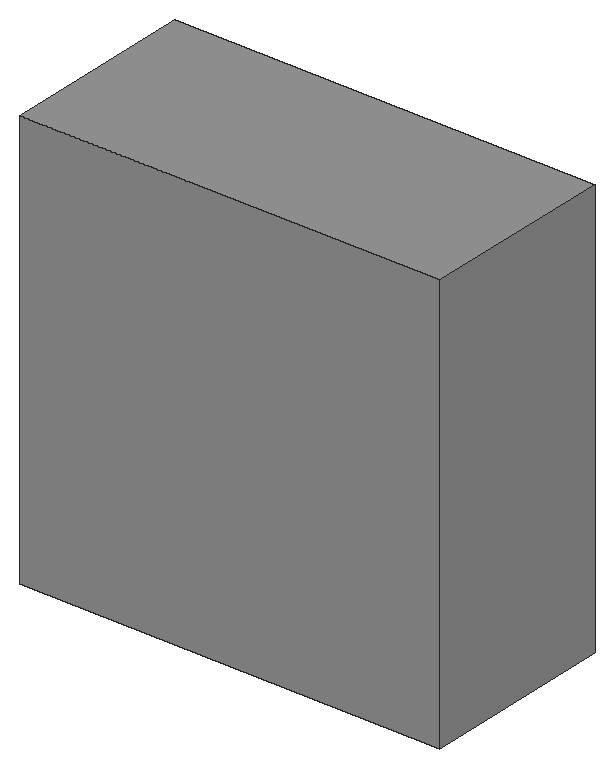
Revit family "NRG_Zimmerterminal_V1700", category Notrufgeräte, Revit 2017
Family settings
  Beschriftungsausrichtung beibehalten = Nein
  Bemaßung runder Anschluss = Durchmesser verwenden
  Teiletyp = Normal
  OmniClass-Nummer = 23.85.30.00
  OmniClass-Titel = Safety and Security Information Systems
  Arbeitsebenenbasiert = Nein
  Immer vertikal = Ja
  Beim Laden mit Abzugskörper schneiden = Ja
  Gemeinsam genutzt = Nein
  Raumberechnungspunkt = Nein
Parameters (values of type "Zimmerterminal_SR")
  pbr_Material_KZ = ""
  pbr_Material = none
  pbr_E_Typ = ""
  pbr_E_KZ = ""
  pbr_DINBild = 0
  pbr_Bild = 0
  pbr_3Dx_Delta_Korrekturversatz [instance] = 0 mm
  pbr_3DX_Versatzfaktor [instance] = 0
  pbr_2DY_Versatzfaktor [instance] = 0
  pbr_2DX_Versatzfaktor [instance] = 0
  lfd_STRK [instance] = 0
  cpiFitMatchKey [instance] = "E-BM-BMPA"
  Zimmerterminal = yes
  Winkel [instance] = 270.00°
  Typ [instance] = ""
  Tiefe = 37 mm
  Text3 [instance] = ""
  Text2 [instance] = ""
  Text1 [instance] = ""
  Port2 [instance] = ""
  Port1 [instance] = ""
  Planungsbüro Rohling = "www.pbr.de"
  Patchfeld [instance] = ""
  Netzart = ""
  Menge(Dosenzahl) [instance] = 0
  Länge = Breite  # 80 mm
  Linie/Anschluss [instance] = ""
  Linie [instance] = ""
  Lastklassifizierung = none
  Installationsart [instance] = ""
  Info [instance] = ""
  Gewerk [instance] = "SR"
  Eckversatz [instance] = 0 mm
  YFrontversatz [instance] = if(pbr_2DY_Versatzfaktor = 300, 0 mm, pbr_2DY_Versatzfaktor * 300 mm)  # 0 mm
  XSeitenversatz [instance] = if(pbr_2DX_Versatzfaktor = 0, 3000 mm, 3000 mm + (pbr_2DX_Versatzfaktor * 300 mm)) + Eckversatz  # 3000 mm
  X3Dversatz [instance] = if([3DX_Versatzkontrolle] = 0, 2000 mm, 2000 mm + ([3DX_Versatzkontrolle] * (300 mm - Breite))) + pbr_3Dx_Delta_Korrekturversatz  # 2000 mm
  Niveau [instance] = 1200 mm
  Bus [instance] = ""
  Breite = 80 mm
  Betriebsstrom ruhe [instance] = 0
  Betriebsstrom max [instance] = 0
  3DX_Versatzkontrolle [instance] = if(pbr_3DX_Versatzfaktor = 0, (pbr_2DX_Versatzfaktor * -1), (((-1 * pbr_3DX_Versatzfaktor) + pbr_2DX_Versatzfaktor) * -1))  # 0
  3DX_Versatz [instance] = 0 mm
Reference planes
  plane 1 "Mitte (Vorne/Hinten)": y = 0
  plane 2: z = 0
  plane 3 "Mitte (Links/Rechts)": x = 22.5
  plane 4: x = -127.5
  plane 5: x = 172.5
  plane 6: y = 300
  plane 7 "Schalterhinten": y = 0
  plane 8: x = -2977.5
  plane 9: x = 22.5
  plane 10: x = -1977.5
  plane 11: x = -17.5
  plane 12: x = 62.5
  plane 13: z = 1240
  plane 14: z = 1160
  plane 15 "SchalterVorne": y = 37
  plane 16 "3DMitte": x = 22.5
  plane 17 "Achse": z = 1200
  plane 18: z = 1197.5
  plane 19: z = 1202.5
  plane 20 "2DMitte": y = 150
Forms (mm)
  Extrusion 1, solid, material "Stahl, weich, geschweißt"
    sketch origin (0, 20, 0) x (0, 0, 1) y (-1, 0, 0)
      loop
        line (1160, 17.5) -> (1160, -62.5) -> (1240, -62.5) -> (1240, 17.5) -> (1160, 17.5)
    from -17 to 20
Dimensions and locks
  locked: plane 6 to plane 7 "Schalterhinten" at 300
  "XSeitenversatz": plane 8 to plane 9
  plane 8 to plane 3 "Mitte (Links/Rechts)" = 3000 mm
  "YFrontversatz": plane 1 "Mitte (Vorne/Hinten)" to plane 7 "Schalterhinten"
  "Breite": plane 12 to plane 11
  "Länge": plane 13 to plane 14
  plane 9 to plane 10 = 2000 mm
  equal spacing: plane 12, plane 16 "3DMitte", plane 11
  "X3Dversatz": plane 16 "3DMitte" to plane 10
  equal spacing: plane 13, plane 17 "Achse", plane 14
  "Niveau": plane 17 "Achse" to level
  "Tiefe": plane 15 "SchalterVorne" to plane 1 "Mitte (Vorne/Hinten)"
  plane 13 to plane 18 = 42.5 mm
  plane 19 to plane 14 = 42.5 mm
  equal spacing: plane 4, plane 9, plane 5, locked at 150 each
  locked: plane 4 to plane 5 at 300
  equal spacing: plane 6, plane 20 "2DMitte", plane 7 "Schalterhinten", locked at 150 each
  aligned and locked: level to plane 2
  aligned and locked: Extrusion 1 sketch curve to plane 14
  aligned and locked: Extrusion 1 sketch curve to plane 11
  aligned and locked: Extrusion 1 sketch curve to plane 13
  aligned and locked: plane 12 to Extrusion 1 sketch curve
  aligned and locked: plane 1 "Mitte (Vorne/Hinten)" to Extrusion 1
  aligned and locked: Extrusion 1 to plane 15 "SchalterVorne"
Nested families
  nested 1: "Zimmerterminal" at (22.5, 0, 0), type "Zimmerterminal"
    with Winkel 90.00°
Connectors
  electrical at (22.5, 0, 1200)
    settings: on Extrusion 1, index 1, voltage 0 V, apparent load 0 VA, apparent load phase1 0 VA, apparent load phase2 0 VA, apparent load phase3 0 VA, power factor 1, load classification "Sonstige", number of poles 1, system type 12, power factor state 1, is connector primary yes, connector utility no, sub classification motor no, connector description ""
Definition of nested family "Zimmerterminal"
  Parameters (values of type "Zimmerterminal")
    Z = yes
    Winkel [instance] = 90.00°
    I = yes
    Geräteanschluss = yes
  Reference planes
    plane 1 "Mitte (Vorne/Hinten)": y = 0
    plane 2: z = 0
    plane 3 "Mitte (Links/Rechts)": x = 0
    plane 4: x = 0
    plane 5: y = 0
  Lines and regions (mm)
    Filled region 1, type "Beton", in view "Referenzebene", visible <- "Z"
      outline origin (-2171.614, -902.705, 0) x (1, 0, 0) y (0, 1, 0)
        loop
          line (2073.449, 1120.011) -> (2073.449, 1099.19) -> (2173.479, 1099.19) -> (2063.348, 963.19) -> (2063.348, 942.626) -> (2203.348, 942.626) -> (2203.348, 963.19) -> (2090.349, 963.19) -> (2200.481, 1099.19) -> (2200.481, 1120.011) -> (2073.449, 1120.011)
    Filled region 2, type "Beton", in view "Referenzebene", visible <- "I"
      outline origin (793.725, -902.802, 0) x (1, 0, 0) y (0, 1, 0)
        loop
          line (-695.436, 1120.011) -> (-718.732, 1120.011) -> (-718.732, 942.626) -> (-695.436, 942.626) -> (-695.436, 1120.011)
    detail lines, in view "Referenzebene", visible <- "Geräteanschluss"
      curve 1: line (-132, 264, 0) -> (132, 264, 0)
      curve 2: line (-132, 0, 0) -> (-132, 264, 0)
      curve 3: line (132, 0, 0) -> (-132, 0, 0)
      curve 4: line (132, 264, 0) -> (132, 0, 0)
